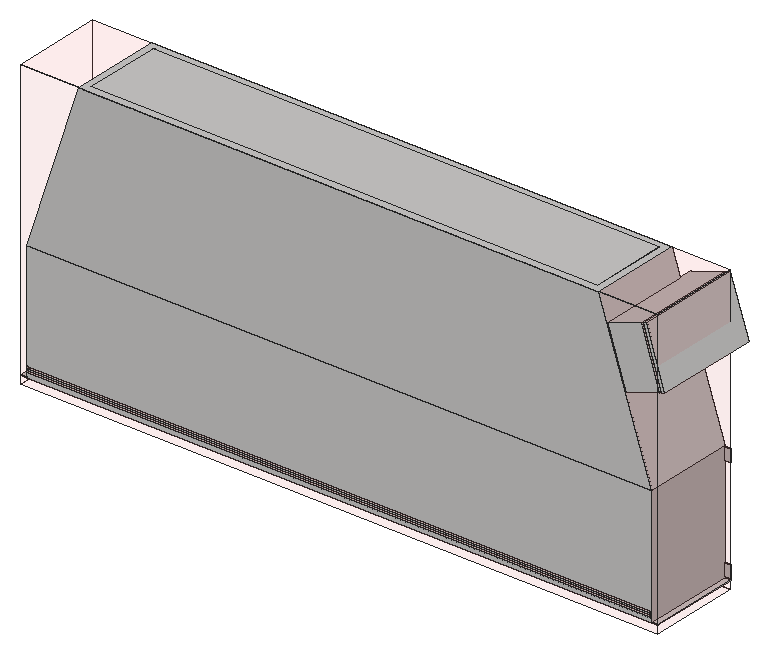
Revit family "Air-Curtain_Climate-Control_PoweredAire_TGD", category Mechanical Equipment, host Face, Revit 2019
Family settings
  Host = Face
  Round Connector Dimension = Use Diameter
  Part Type = Normal
  OmniClass Number = 23.75.35.17.21
  OmniClass Title = Air Curtains
  Cut with Voids When Loaded = No
  Shared = No
  Room Calculation Point = No
Parameters (values of type "144'' Nozzle")
  upperrotation [instance] = 0.00°
  lowerrotation [instance] = 0.00°
  locateupperpipe [instance] = 0' - 0"
  locatelowerpipe [instance] = 0' - 0"
  Warranty Duration (Years) = 0
  Unit Width Notes = "Other Widths available."  # constant formula
  Unit Width = 12' - 3 7/32"
  Unit Weight = 860
  Unit Height = 1' - 9"
  Unit Depth = 2' - 3 1/4"
  URL = "http://www.poweredaire.com/"
  Test Data = ""
  Standards Conformance = "Made in USA"
  Specification = "http://www.arcat.com/sdspecs/htm04/23_34_33pai.htm"
  SpecWizard = ""
  Sound Pressure = ">63 dBA"
  Sales Information = "http://www.poweredaire.com/contact_us"
  Revision = "R1_2016-08"
  Projection from Host [instance] = 0' - 2"
  Product Properties = ""
  Product Data = "http://www.arcat.com/arcatcos/cos47/arc47623.html"
  Power Rating = 0 W
  Piping_Water Flow [instance] = 0 GPM
  Piping_Operating Pressure [instance] = 0.00 psi
  Piping_Exit Temperature [instance] = 0 °F
  Piping_Entry Temperature [instance] = 0 °F
  Pipe OD [instance] = 5/8"
  Overall Depth = 5' - 4 1/4"
  Nozzle Width = if(1 = 1, Unit Width - 0' 3", 0' 0")  # 12' - 0 7/32"
  Mounting Width = if(1 = 1, Unit Width - 0' 1 1/2", 0' 0")  # 12' - 1 23/32"
  Mounting Height [instance] = 3' - 6"
  Motor RPM = 1630
  Motor HP = 0.75
  Motor Count = 4
  Model = "TDG-4-144"
  Max Height = 12' - 0"
  Manufacturer Website = "http://www.poweredaire.com/"
  Manufacturer Phone - Toll Free = "888-321-2473"
  Manufacturer Phone = "724-588-3305"
  Manufacturer Fax = "724-588-3371"
  Manufacturer Address = "109 Mortensen Rd.  Greenville, PA 16125"
  Manufacturer = "Powered Aire, Inc"
  Maintenance Schedule (Months) = 0
  Keynote = "23 34 33"
  Intake Width = 10' - 0"
  Installation-Fabrication = ""
  Installation Phase = ""
  Include Clearance [instance] = yes
  Heating Element Load = 0 W
  Filter Weight = 0
  Front Grating Material [instance] = Metal - Steel - PoweredAire - Stainless 304 Perforated
  HVAC_Temperature Rise = 105 °F
  HVAC_Primary CFM = 0 CFM
  HVAC_Outlet Volume = 10200 CFM
  HVAC_Outlet Velocity Uniformity = 0.95
  HVAC_Outlet Velocity = 3700 FPM
  HVAC_Exit Temperature [instance] = 0 °F
  HVAC_BTU Output = 1153000.0 Btu/h
  HVAC_BTU Input = 0.0 Btu/h
  Green Building-LEED = "http://www.arcat.com/green/clients/leed_data_47623.html"
  Gas Connection Diameter [instance] = 0"
  Frame Finish [instance] = Metal - Steel - PoweredAire - Stainless 304
  Expected Lifespan (Years) = 0
  Exhaust Connection Diameter = 0' - 5"
  Electrical_Wattage [instance] = Power Rating + Heating Element Load  # 0 W
  Electrical_Voltage [instance] = 0 V
  Electrical_Phase [instance] = 1
  Electrical_Frequency [instance] = 0 Hz
  Electrical_Amperage [instance] = 0 A
  Drawn By = "Sumex Design, Inc. / Robert S. Weygant, CSI, CDT, SCIP"
  Description = "Powered Aire Direct Gas Heated Climate Control Air Curtain - TDG-4-144 as Specified"
  Default Elevation = 0' - 0"  # constant formula
  Copyright = "©Arcat Inc."
  Construction Details = "http://www.arcat.com/details/powair/prod3336.html"
  Clearance_Top [instance] = 0' - 0"
  Clearance_Side B [instance] = 0' - 0"
  Clearance_Side A [instance] = 0' - 0"
  Clearance_Intake [instance] = 0' - 0"
  Clearance_Bottom [instance] = 0' - 0"
  Clearance Material [instance] = ARCAT Clearance
  Building Codes = ""
  Available Options [instance] = "as Specified"
  Assembly Code = "D3090400"
Types (7): name | Unit Width | Unit Weight | Nozzle Width | Mounting Width | Motor Count | Model | Intake Width | HVAC_Outlet Volume | HVAC_Outlet Velocity Uniformity | HVAC_Outlet Velocity | HVAC_BTU Output | Description
  144'' Nozzle | 12' - 3 7/32" | 860 | 12' - 0 7/32" | 12' - 1 23/32" | 4 | "TDG-4-144" | 10' - 0" | 10200 CFM | 0.95 | 3700 FPM | 1153000.0 Btu/h | "Powered Aire Direct Gas Heated Climate Control Air Curtain - TDG-4-144 as Specified"
  132'' Nozzle | 11' - 3 5/32" | 780 | 11' - 0 5/32" | 11' - 1 21/32" | 3 | "TDG-3-132" | 8' - 0" | 7600 CFM | 0.94 | 2800 FPM | 861000.0 Btu/h | "Powered Aire Direct Gas Heated Climate Control Air Curtain - TDG-3-132 as Specified"
  120'' Nozzle | 10' - 3 5/32" | 760 | 10' - 0 5/32" | 10' - 1 21/32" | 3 | "TDG-3-120" | 8' - 0" | 7600 CFM | 0.95 | 3200 FPM | 864000.0 Btu/h | "Powered Aire Direct Gas Heated Climate Control Air Curtain - TDG-3-120 as Specified"
  108'' Nozzle | 9' - 3 5/32" | 660 | 9' - 0 5/32" | 9' - 1 21/32" | 3 | "TDG-3-108" | 8' - 0" | 7600 CFM | 0.92 | 3700 FPM | 865000.0 Btu/h | "Powered Aire Direct Gas Heated Climate Control Air Curtain - TDG-3-108 as Specified"
  96'' Nozzle | 8' - 3 1/16" | 600 | 8' - 0 1/16" | 8' - 1 9/16" | 2 | "TDG-2-96" | 6' - 1" | 5100 CFM | 0.92 | 2800 FPM | 576000.0 Btu/h | "Powered Aire Direct Gas Heated Climate Control Air Curtain - TDG-2-96 as Specified"
  84'' Nozzle | 7' - 3 1/16" | 550 | 7' - 0 1/16" | 7' - 1 9/16" | 2 | "TDG-2-84" | 6' - 1" | 5100 CFM | 0.93 | 3200 FPM | 574000.0 Btu/h | "Powered Aire Direct Gas Heated Climate Control Air Curtain - TDG-2-84 as Specified"
  72'' Nozzle | 6' - 3 1/16" | 500 | 6' - 0 1/16" | 6' - 1 9/16" | 2 | "TDG-2-72" | 6' - 1" | 5100 CFM | 0.95 | 3700 FPM | 576000.0 Btu/h | "Powered Aire Direct Gas Heated Climate Control Air Curtain - TDG-2-72 as Specified"
Reference planes (in)
  plane 1 "Center (Elevation)": y = 0.13818
  plane 2: z = 0
  plane 3 "Center (Left/Right)": x = 0
  plane 4 "Top": y = 10.63818
  plane 5: y = -10.36182
  plane 6: x = -73.60937
  plane 7: x = 73.60938
  plane 8 "Front": z = 29.25
  plane 9 "FF": y = -41.86182
  plane 10: z = 2
  plane 11: x = 72.10938
  plane 12: x = -72.10937
  plane 13: y = 10.63818
  plane 14: y = -10.36182
  plane 15: x = -73.60937
  plane 16: x = 73.60938
  plane 17: z = 66.25
  plane 18: x = 72.04688
  plane 19: x = -72.04687
  plane 20: x = 72.10938
  plane 21: x = 72.10938
  plane 22: y = 8.13818
  plane 23: y = -7.86182
  plane 24: z = 66.25
  plane 25: x = -60
  plane 26: x = 60
Forms (in)
  Extrusion 1, solid, material "Metal - Steel - PoweredAire - Stainless 304" <- "Frame Finish"
    sketch origin (0, 0, 0) x (0, 1, 0) y (0, 0, 1)
      loop
        line (-10.36182, 2) -> (10.63818, 2) -> (10.63818, 29.25) -> (-10.36182, 29.25) -> (-10.36182, 2)
    from -72.10938 to 72.10938
  Extrusion 2, solid, material "ARCAT Clearance" <- "Clearance Material", visible <- "Include Clearance"
    sketch origin (0, 0, 0) x (0, 1, 0) y (0, 0, 1)
      loop
        line (-10.36182, 66.25) -> (-10.36182, 0) -> (10.63818, 0) -> (10.63818, 66.25) -> (-10.36182, 66.25)
    from -73.60937 to 73.60937
  Extrusion 3, solid, material "Metal - Steel - PoweredAire - Stainless 304" <- "Frame Finish"
    sketch origin (-15.17702, -180, 2) x (-1, 0, 0) y (0, -1, 0)
      loop
        line (-87.2864, -190.63818) -> (-87.2864, -169.63818) -> (-88.7864, -169.63818) -> (-88.7864, -190.63818) -> (-87.2864, -190.63818)
      loop
        line (56.93235, -190.63818) -> (58.43235, -190.63818) -> (58.43235, -169.63818) -> (56.93235, -169.63818) -> (56.93235, -190.63818)
    from 0 to 0.125
  Extrusion 4, solid, material "Metal - Steel - PoweredAire - Stainless 304" <- "Frame Finish"
    sketch origin (-11.83813, 10.63818, 48) x (-1, 0, 0) y (0, 0, 1)
      loop
        line (-83.9475, -45.5) -> (-83.9475, -42.75) -> (-85.4475, -42.75) -> (-85.4475, -45.5) -> (-83.9475, -45.5)
      loop
        line (-83.9475, -21.5) -> (-83.9475, -18.75) -> (-85.4475, -18.75) -> (-85.4475, -21.5) -> (-83.9475, -21.5)
      loop
        line (60.27125, -45.5) -> (61.77125, -45.5) -> (61.77125, -42.75) -> (60.27125, -42.75) -> (60.27125, -45.5)
      loop
        line (60.27125, -21.5) -> (61.77125, -21.5) -> (61.77125, -18.75) -> (60.27125, -18.75) -> (60.27125, -21.5)
    from 0 to -0.125
  Extrusion 5, void
    sketch origin (0, 0, 0) x (0, 1, 0) y (0, 0, 1)
      loop
        line (-10.36182, 3) -> (-9.36182, 3) -> (-9.36182, 4.5) -> (-10.36182, 4.5) -> (-10.36182, 3.82425) -> (-9.50864, 3.82425) -> (-9.50864, 3.57425) -> (-10.36182, 3.57425) -> (-10.36182, 3)
    from -72.04687 to 72.04688
  Extrusion 6, solid, material "Metal - Steel - PoweredAire - Stainless 304" <- "Frame Finish"
    sketch origin (0, 0.13818, 0) x (1, 0, 0) y (0, 0, 1)
      loop
        line (-72.10937, 29.25) -> (72.10938, 29.25) -> (60, 66.25) -> (-60, 66.25) -> (-72.10937, 29.25)
    from -10.5 to 10.5
  Extrusion 7, solid, material "Metal - Steel - PoweredAire - Stainless 304 Perforated" <- "Front Grating Material"
    sketch origin (-60, 0.13818, 66.25) x (1, 0, 0) y (0, 1, 0)
      loop
        line (1.5, 9) -> (1.5, -9) -> (118.5, -9) -> (118.5, 9) -> (1.5, 9)
    from 0 to 0.03125
  Extrusion 8, solid, material "Metal - Steel - PoweredAire - Stainless 304" <- "Frame Finish"
    sketch origin (60, 0.13818, 66.25) x (0.311046, 0, -0.950395) y (0, 1, 0)
      loop
        line (6, -10.5) -> (19.60097, -10.5) -> (19.60097, 13.5) -> (6, 13.5) -> (6, -10.5)
    from 0 to 9.625
  Sweep 9, void
    path in 3D
      loop
        line (71.01383, -10.36182, 63.54144) -> (75.24435, -10.36182, 50.61515) -> (75.24435, 13.63818, 50.61515) -> (71.01383, 13.63818, 63.54144) -> (71.01383, -10.36182, 63.54144)
    profile origin (71.01383, 1.63818, 63.54144) x (0.311046, 0, -0.950395) y (0.950395, 0, 0.311046)
      loop
        line (0, -0.75) -> (0, -1.25) -> (0.25, -1.25) -> (0.25, -0.75) -> (0, -0.75)
Cuts and joins
  Extrusion 5 cuts Extrusion 1
  Sweep 9 cuts Extrusion 8
Lines and regions (in)
  sketch lines
    curve 1: line (71.01383, 13.63818, 63.54144) -> (71.01383, -10.36182, 63.54144)
    curve 2: line (75.24435, 13.63818, 50.61515) -> (71.01383, 13.63818, 63.54144)
    curve 3: line (71.01383, -10.36182, 63.54144) -> (75.24435, -10.36182, 50.61515)
    curve 4: line (75.24435, -10.36182, 50.61515) -> (75.24435, 13.63818, 50.61515)
Dimensions and locks (in)
  equal spacing: plane 4 "Top", plane 1 "Center (Elevation)", plane 5
  "Unit Height": plane 4 "Top" to plane 5
  equal spacing: plane 6, plane 3 "Center (Left/Right)", plane 7
  "Unit Width": plane 6 to plane 7
  "Mounting Height": plane 1 "Center (Elevation)" to plane 9 "FF"
  "Projection from Host": plane 10 to level
  "Unit Depth": plane 8 "Front" to plane 10
  locked: plane 6 to plane 12 at 1.5
  locked: plane 11 to plane 7 at 1.5
  "Clearance_Side A": plane 7 to plane 16
  "Clearance_Side B": plane 15 to plane 6
  "Clearance_Top": plane 13 to plane 4 "Top"
  "Clearance_Bottom": plane 5 to plane 14
  "Clearance_Intake": plane 17 to plane 24
  Extrusion 5 sketch curve to Extrusion 5 sketch curve to Extrusion 5 sketch curve to Extrusion 5 sketch curve to plane 10 = 0' - 0.67575" locked, 0' - 0 1/4" locked, 0' - 0.57425" locked, 0' - 1" locked
  plane 5 to Extrusion 5 sketch curve to Extrusion 5 sketch curve = 0' - 0.85319" locked, 0' - 0.14681" locked
  locked: plane 19 to plane 12 at 0.0625
  locked: plane 11 to plane 18 at 0.0625
  "locateupperpipe": plane 20 to plane 11
  "locatelowerpipe": plane 21 to plane 11
  locked: plane 4 "Top" to plane 22 at 2.5
  locked: plane 23 to plane 5 at 2.5
  "Overall Depth": plane 24 to plane 10
  Extrusion 4 sketch curve to Extrusion 4 sketch curve to plane 10 = 0' - 2 3/4" locked, 0' - 0 1/2" locked  (x2)
  plane 8 "Front" to Extrusion 4 sketch curve to Extrusion 4 sketch curve = 0' - 0" locked, 0' - 2 3/4" locked  (x2)
  equal spacing: plane 25, plane 3 "Center (Left/Right)", plane 26
  "Intake Width": plane 25 to plane 26
  locked: plane 4 "Top" to Extrusion 7 sketch curve at 1.5
  locked: Extrusion 7 sketch curve to plane 5 at 1.5
  locked: plane 25 to Extrusion 7 sketch curve at 1.5
  locked: Extrusion 7 sketch curve to plane 26 at 1.5
  aligned and locked: plane 2 to host face
  aligned and locked: level to host face
  aligned and locked: Extrusion 2 sketch curve to plane 17
  aligned and locked: plane 14 to Extrusion 2 sketch curve
  aligned and locked: level to Extrusion 2 sketch curve
  aligned and locked: Extrusion 2 sketch curve to plane 13
  aligned and locked: plane 16 to Extrusion 2
  aligned and locked: Extrusion 2 to plane 15
  aligned and locked: plane 11 to Extrusion 1
  aligned and locked: Extrusion 1 to plane 12
  aligned and locked: Extrusion 1 sketch curve to plane 8 "Front"
  aligned and locked: plane 18 to cut or joined group of Extrusion 1, Extrusion 5
  aligned and locked: cut or joined group of Extrusion 1, Extrusion 5 to plane 19
  aligned and locked: Extrusion 6 sketch curve to plane 8 "Front"
  aligned and locked: plane 21 to Extrusion 6 sketch curve
  aligned and locked: plane 12 to Extrusion 6 sketch curve
  aligned and locked: Extrusion 6 sketch curve to plane 24
  aligned and locked: plane 25 to Extrusion 6 sketch curve
  aligned and locked: plane 26 to Extrusion 6 sketch curve
  aligned and locked: plane 4 "Top" to Extrusion 6
  aligned and locked: Extrusion 6 to plane 5
Automatic sketch dimensions
  host sketch curve to host sketch curve = 8' - 0"  (x2)
  plane 4 "Top" to Extrusion 3 sketch curve = 0' - 0"
  Extrusion 3 sketch curve to plane 7 = 0' - 0"
  plane 5 to Extrusion 3 sketch curve = 0' - 0"
  Extrusion 3 sketch curve to plane 11 = 0' - 0"
  Extrusion 3 sketch curve to plane 4 "Top" = 0' - 0"
  Extrusion 3 sketch curve to plane 12 = 0' - 0"
  Extrusion 3 sketch curve to plane 6 = 0' - 0"
  Extrusion 3 sketch curve to plane 5 = 0' - 0"
  Extrusion 4 sketch curve to plane 7 = 0' - 0"  (x2)
  Extrusion 4 sketch curve to plane 11 = 0' - 0"  (x2)
  Extrusion 4 sketch curve to plane 12 = 0' - 0"  (x2)
  Extrusion 4 sketch curve to plane 6 = 0' - 0"  (x2)
  Extrusion 5 sketch curve to plane 5 = 0' - 0"  (x2)
  Extrusion 1 sketch curve to plane 5 = 0' - 0"
  Extrusion 1 sketch curve to plane 4 "Top" = 0' - 0"
  Extrusion 1 sketch curve to plane 10 = 0' - 0"
  Extrusion 8 sketch curve to Extrusion 6 = 0' - 3"
  Extrusion 6 to Extrusion 8 sketch curve = 1' - 7.33021"
  Extrusion 8 sketch curve to Extrusion 6 = 0' - 0"
  Extrusion 8 sketch curve to Extrusion 6 = 0' - 6"
  profile plane to Sweep 9 sketch curve = 0' - 0"
  Sweep 9 sketch curve to profile plane = 0' - 0 3/4"
  Sweep 9 sketch curve to Sweep 9 sketch curve = 0' - 0 1/2"
  Sweep 9 sketch curve to Sweep 9 sketch curve = 0' - 0 1/4"
Connectors (in)
  electrical at (-72.10937, 0.13818, 15.625), driven by "Electrical_Voltage", driven by "Electrical_Phase"
    settings: on cut or joined group of Extrusion 1, Extrusion 5, index 3, voltage 0 V, apparent load 0 VA, apparent load phase1 0 VA, apparent load phase2 0 VA, apparent load phase3 0 VA, power factor 1, load classification "Motor", number of poles 1, system type 31, power factor state 1, is connector primary yes, connector utility no, sub classification motor no, connector description ""
